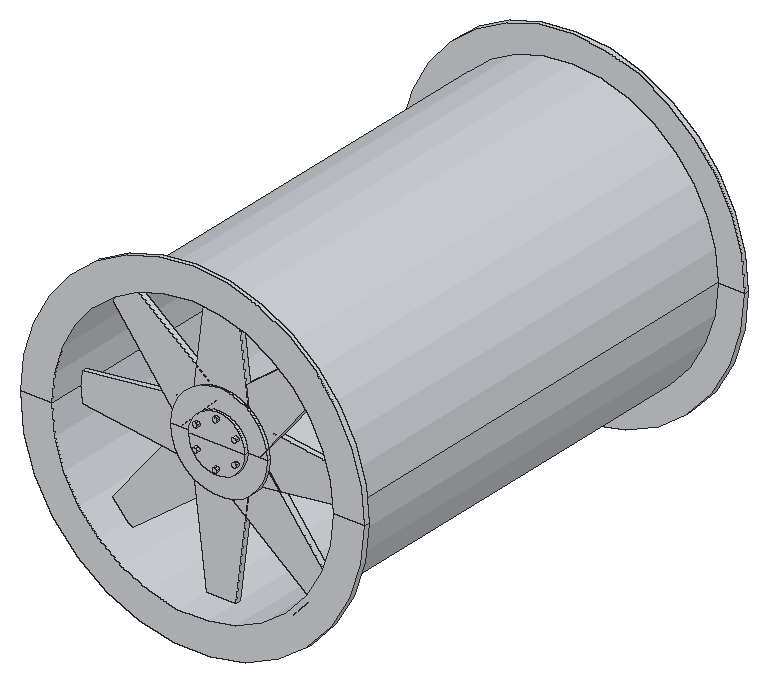
Revit family "CADS_Vent-Axia_MechEquip_Fan_BIFA_315_1Ph2P - SUPPLY", category Mechanical Equipment, Revit 2020
Family settings
  Round Connector Dimension = Use Diameter
  Part Type = Normal
  OmniClass Number = 23.75.00.00
  OmniClass Title = Climate Control (HVAC)
  Work Plane-Based = No
  Always vertical = Yes
  Cut with Voids When Loaded = No
  Shared = No
  Room Calculation Point = No
Parameters (values of type "BIFA311214")
  WorkingPressure = 0.0 Pa
  WarrantyStartDate [instance] = "1900-12-31T23:59:59"
  WarrantyPeriod = ""
  WarrantyIdentifier = "N/A"
  WarrantyGuarantorParts = "tech@vent-axia.com"
  WarrantyGuarantorLabor = "tech@vent-axia.com"
  WarrantyGuarantor = "Vent-Axia Limited"
  WarrantyEndDate [instance] = "1900-12-31T23:59:59"
  WarrantyContent = ""
  TemperatureRange = ""
  TagNumber [instance] = "N/A"
  SustainabilityPerformance = ""
  Status = "New"
  Size = ""
  Shape = ""
  ServiceLifeType = ""
  ServiceLifeDuration = ""
  SerialNumber [instance] = "N/A"
  ReplacementCost = ""
  RatedVoltage = 0 V
  RatedCurrent = 0 A
  Quantity = 1
  ProductionYear = ""
  PressureCurve = ""
  PowerFactor = ""
  PointOfContact = ""
  NumberOfPoles = 0
  NominalWidth = 315 mm
  NominalLength = 535 mm
  NominalHeight = 315 mm
  NominalFrequencyRange = ""
  NominalDiameter = 315 mm
  ModelReference = "BIF 315MM 1PH 2P 14DEG"
  ModelNumber = "BIFA311214"
  Material = ""
  ManufacturerE-Mail = "tech@vent-axia.com"
  ManufacturerAddress = "Fleming Way\nCrawley \nRH10 9YX"
  IsExtendedWarranty = no
  InsulationStandardClass = ""
  InstallationDate [instance] = "1900-12-31T23:59:59"
  IfcExportType [instance] = ""
  IfcExportAs = "IfcFanType"
  IP_Code = ""
  HasProtectiveEarth = no
  GrossWeight = 0.00 kg
  Grade = ""
  GlobalTradeItemNumber [instance] = "N/A"
  Fitting Type = "Ignore"
  Finish = ""
  Features = ""
  ExteriorInsulation = no
  ExpectedServiceLife = 0
  Exclusions = ""
  DurationUnit = "Year"
  Default Elevation = 0 mm
  Constituents = ""
  ConductorFunction = ""
  Color = ""
  CodePerformance = ""
  Category = ""
  CADS_Usage = 0
  CADS_Index = 0
  AssetType = "FIXED"
  AssetIdentifier [instance] = "N/A"
  AssemblyPlace = "UNKNOWN"
  ArticleNumber [instance] = "N/A"
  AirflowRateRange = 0.0 L/s
  Air Flow [instance] = 0.0 L/s
  AccessibilityPerformance = ""
Types (12, lengths in mm): name | ModelReference | ModelNumber
  BIFA311214 | "BIF 315MM 1PH 2P 14DEG" | "BIFA311214"
  BIFA311216 | "BIF 315MM 1PH 2P 16DEG" | "BIFA311216"
  BIFA311220 | "BIF 315MM 1PH 2P 20DEG" | "BIFA311220"
  BIFA311222 | "BIF 315MM 1PH 2P 22DEG" | "BIFA311222"
  BIFA311224 | "BIF 315MM 1PH 2P 24DEG" | "BIFA311224"
  BIFA311226 | "BIF 315MM 1PH 2P 26DEG" | "BIFA311226"
  BIFA311228 | "BIF 315MM 1PH 2P 28DEG" | "BIFA311228"
  BIFA311230 | "BIF 315MM 1PH 2P 30DEG" | "BIFA311230"
  BIFA311232 | "BIF 315MM 1PH 2P 32DEG" | "BIFA311232"
  BIFA311236 | "BIF 315MM 1PH 2P 36DEG" | "BIFA311236"
  BIFA311238 | "BIF 315MM 1PH 2P 38DEG" | "BIFA311238"
  BIFA311210 | "BIF 315MM 1PH 2P 10DEG" | "BIFA311210"
Reference planes
  plane 1 "Center (Front/Back)": y = 0
  plane 2: z = 0
  plane 3 "Center (Left/Right)": x = 0
  plane 4: x = -157.5
  plane 5: x = 157.5
  plane 6 "F": y = -267.5
  plane 7 "B": y = 267.5
  plane 8: x = -192.5
  plane 9: y = 262.5
  plane 10: y = -262.5
  plane 11: x = -162.5
  plane 12: y = -227.5
Forms (mm)
  Revolve 1, solid
    sketch origin (0, 0, 0) x (1, 0, 0) y (0, 1, 0)
      loop
        line (-192.5, -267.5) -> (-157.5, -267.5) -> (-157.5, 267.5) -> (-192.5, 267.5) -> (-192.5, 262.5) -> (-162.5, 262.5) -> (-162.5, -262.5) -> (-192.5, -262.5) -> (-192.5, -267.5)
      axis (0, 267.5) -> (0, -267.5)
    angle from 0 to 360
Dimensions and locks
  equal spacing: plane 4, plane 3 "Center (Left/Right)", plane 5
  equal spacing: plane 7 "B", plane 1 "Center (Front/Back)", plane 6 "F"
  "NominalLength": plane 7 "B" to plane 6 "F"
  "NominalDiameter": plane 4 to plane 5
  locked: plane 11 to plane 4 at 5
  locked: plane 8 to plane 11 at 30
  locked: plane 6 "F" to plane 10 at 5
  locked: plane 7 "B" to plane 9 at 5
  locked: plane 6 "F" to plane 12 at 40
  aligned and locked: level to plane 2
  aligned and locked: nested 1 to plane 12
Automatic sketch dimensions
  plane 6 "F" to Revolve 1 sketch curve = 0 mm
  Revolve 1 sketch curve to plane 8 = 0 mm  (x2)
  plane 10 to Revolve 1 sketch curve = 0 mm
  Revolve 1 sketch curve to plane 11 = 0 mm
  Revolve 1 sketch curve to plane 4 = 0 mm
  Revolve 1 sketch curve to plane 3 "Center (Left/Right)" = 0 mm
  plane 1 "Center (Front/Back)" to Revolve 1 sketch curve = 0 mm
  Revolve 1 sketch curve to plane 9 = 0 mm
  Revolve 1 sketch curve to plane 7 "B" = 0 mm
  plane 6 "F" to Revolve 1 sketch curve = 115 mm
Nested families
  nested 1: "Fan for BIFA" at (0, -227.5, 0), ND <- "NominalDiameter", type "Fan for BIFA"
    with hub 31.5 mm, ND 315 mm, BoltPCD 25.2 mm, Bolt Count 6, B_Diam 5 mm
  nested 2: "Bolts" at (21.824, -236.672, -12.6) x (-0.5, 0, -0.866) z (0, 1, 0), type "Bolts"
    with bd 5 mm
  nested 3: "Bolts" at (0, -236.672, -25.2) x (-1, 0, 0) z (0, 1, 0), type "Bolts"
    with bd 5 mm
  nested 4: "Bolts" at (-21.824, -236.672, -12.6) x (-0.5, 0, 0.866) z (0, 1, 0), type "Bolts"
    with bd 5 mm
  nested 5: "Bolts" at (-21.824, -236.672, 12.6) x (0.5, 0, 0.866) z (0, 1, 0), type "Bolts"
    with bd 5 mm
  nested 6: "Bolts" at (21.824, -236.672, 12.6) x (0.5, 0, -0.866) z (0, 1, 0), type "Bolts"
    with bd 5 mm
  nested 7: "Bolts" at (0, -236.672, 25.2) x (1, 0, 0) z (0, 1, 0), type "Bolts"
    with bd 5 mm
  nested 8: "BIFA Blade" at (0, -227.5, 0), type "BIFA Blade"
    with a 20.00°, HR 31.5 mm, HD 63 mm, BT 31.5 mm, BR 126 mm, BH 40 mm, BD 315 mm, BB 63 mm
  nested 9: "BIFA Blade" at (0, -227.5, 0) x (0.7071, 0, -0.7071) z (0.7071, 0, 0.7071), type "BIFA Blade"
    with a 20.00°, HR 31.5 mm, HD 63 mm, BT 31.5 mm, BR 126 mm, BH 40 mm, BD 315 mm, BB 63 mm
  nested 10: "BIFA Blade" at (0, -227.5, 0) x (0, 0, -1) z (1, 0, 0), type "BIFA Blade"
    with a 20.00°, HR 31.5 mm, HD 63 mm, BT 31.5 mm, BR 126 mm, BH 40 mm, BD 315 mm, BB 63 mm
  nested 11: "BIFA Blade" at (0, -227.5, 0) x (-0.7071, 0, -0.7071) z (0.7071, 0, -0.7071), type "BIFA Blade"
    with a 20.00°, HR 31.5 mm, HD 63 mm, BT 31.5 mm, BR 126 mm, BH 40 mm, BD 315 mm, BB 63 mm
  nested 12: "BIFA Blade" at (0, -227.5, 0) x (-1, 0, 0) z (0, 0, -1), type "BIFA Blade"
    with a 20.00°, HR 31.5 mm, HD 63 mm, BT 31.5 mm, BR 126 mm, BH 40 mm, BD 315 mm, BB 63 mm
  nested 13: "BIFA Blade" at (0, -227.5, 0) x (-0.7071, 0, -0.7071) z (-0.7071, 0, 0.7071), type "BIFA Blade"
    with a 20.00°, HR 31.5 mm, HD 63 mm, BT 31.5 mm, BR 126 mm, BH 40 mm, BD 315 mm, BB 63 mm
  nested 14: "BIFA Blade" at (0, -227.5, 0) x (0, 0, -1) z (-1, 0, 0), type "BIFA Blade"
    with a 20.00°, HR 31.5 mm, HD 63 mm, BT 31.5 mm, BR 126 mm, BH 40 mm, BD 315 mm, BB 63 mm
  nested 15: "BIFA Blade" at (0, -227.5, 0) x (0.7071, 0, -0.7071) z (-0.7071, 0, -0.7071), type "BIFA Blade"
    with a 20.00°, HR 31.5 mm, HD 63 mm, BT 31.5 mm, BR 126 mm, BH 40 mm, BD 315 mm, BB 63 mm
Connectors
  hvac at (0, -267.5, 0), driven by "NominalDiameter", driven by "Air Flow"
    settings: on Revolve 1, index 1, duct flow 0.0 L/s, flow factor 0, pres drop 0.0 Pa, loss coef 0, conn angle 0.00°, conn width 304.8 mm, conn height 304.8 mm, conn diameter 315 mm, duct sys type 1, conn prof type 0, flow config 1, flow direction 1, loss method 0, conn ref index -1, conn util no, is conn primary yes, conn desc ""
  hvac at (0, 267.5, 0), driven by "NominalDiameter", driven by "Air Flow"
    settings: on Revolve 1, index 2, duct flow 0.0 L/s, flow factor 0, pres drop 0.0 Pa, loss coef 0, conn angle 0.00°, conn width 304.8 mm, conn height 304.8 mm, conn diameter 315 mm, duct sys type 1, conn prof type 0, flow config 0, flow direction 2, loss method 0, conn ref index -1, conn util no, is conn primary no, conn desc ""
Definition of nested family "Fan for BIFA"
  Parameters (values of type "Fan for BIFA")
    hub [instance] = ND / 10  # 50 mm
    ND [instance] = 500 mm
    Model = "."
    Default Elevation = 0 mm
    BoltPCD [instance] = hub - (hub * 0.2)  # 40 mm
    Bolt Count [instance] = if(hub < 50 mm, 6, 8)  # 8
    B_Diam [instance] = if(hub < 50 mm, 5 mm, 10 mm)  # 10 mm
  Reference planes
    plane 1 "Center (Front/Back)": y = 0
    plane 2: z = 0
    plane 3 "Center (Left/Right)": x = 0
    plane 4 "back": y = 20
    plane 5 "bolts": y = -9.172
    plane 6 "B": z = 50
    plane 7: x = -72.587
    plane 8: x = -50
    plane 9 "hubface": y = -6.172
  Forms (mm)
    Revolve 1, solid
      sketch origin (0, 0, 0) x (1, 0, 0) y (0, 1, 0)
        loop
          line (0, 20) -> (-50, 20) -> (-50, 10.504) -> (-72.587, 10.504) -> (-72.587, -2.597) -> (-50, -2.597) -> (-50, -6.172) -> (0, -6.172) -> (0, 20)
        axis (0, 20) -> (0, -6.172)
      angle from 0 to 360
    Extrusion 2, solid, not visible
      sketch origin (0, -6.347, -4) x (-1, 0, 0) y (0, 0, 1)
        loop
          circle (0, 84) r 5
      from 0 to 3
  Lines and regions (mm)
    symbolic lines
      curve 1: circle (0, -9.172, 0) r 40 normal (0, 1, 0)
    model lines, not visible
      curve 2: line (0, -6.347, 85) -> (0, -6.347, 75)
  Dimensions and locks
    "hub": plane 6 "B" to plane 2
    "hub": nested 3 to plane 3 "Center (Left/Right)"
    "hub": nested 4 to plane 3 "Center (Left/Right)"
    "hub": nested 5 to plane 3 "Center (Left/Right)"
    "hub": plane 3 "Center (Left/Right)" to nested 6
    "hub": Revolve 1 sketch curve to Revolve 1 sketch curve
    "hub": plane 3 "Center (Left/Right)" to nested 7
    "hub": plane 3 "Center (Left/Right)" to nested 8
    "hub": plane 3 "Center (Left/Right)" to nested 9
    "hub": plane 8 to plane 3 "Center (Left/Right)"
    plane 7 to plane 8 = 22.587 mm
    diameter of Extrusion 2 sketch curve = 10 mm
    "BoltPCD": radius of curve 1
    "BoltPCD": radius of radial array
    aligned and locked: level to plane 2
    aligned and locked: plane 6 "B" to nested 1
  Automatic sketch dimensions
    Revolve 1 sketch curve to plane 7 = 0 mm
    Revolve 1 sketch curve to plane 8 = 0 mm  (x2)
    Revolve 1 sketch curve to plane 3 "Center (Left/Right)" = 0 mm
    Revolve 1 sketch curve to plane 9 "hubface" = 0 mm
    plane 4 "back" to Revolve 1 sketch curve = 0 mm
    plane 1 "Center (Front/Back)" to Revolve 1 sketch curve = 2.597 mm
    plane 4 "back" to Revolve 1 sketch curve = 9.496 mm
    plane 4 "back" to Revolve 1 sketch curve = 5 mm
    Revolve 1 sketch curve to Revolve 1 sketch curve = 45 mm
    curve 1 to level = 0 mm
    curve 1 to plane 3 "Center (Left/Right)" = 0 mm
  Nested families
    nested 1: "BIFA Blade" at (0, 0, 25), BD <- "ND", HD <- "hub", type "BIFA Blade"
      with a 20.00°, HR 25 mm, HD 50 mm, BT 25 mm, BR 100 mm, BH 40 mm, BD 250 mm, BB 50 mm
    nested 2: "BIFA Blade" at (0, 0, 55), BD <- "ND", HD <- "hub", type "BIFA Blade", not visible
      with a 20.00°, HR 25 mm, HD 50 mm, BT 25 mm, BR 100 mm, BH 40 mm, BD 250 mm, BB 50 mm
    nested 3: "BIFA Blade" at (17.678, 0, 17.678) x (0.7071, 0, -0.7071) z (0.7071, 0, 0.7071), BD <- "ND", HD <- "hub", type "BIFA Blade"
      with a 20.00°, HR 25 mm, HD 50 mm, BT 25 mm, BR 100 mm, BH 40 mm, BD 250 mm, BB 50 mm
    nested 4: "BIFA Blade" at (25, 0, 0) x (0, 0, -1) z (1, 0, 0), BD <- "ND", HD <- "hub", type "BIFA Blade"
      with a 20.00°, HR 25 mm, HD 50 mm, BT 25 mm, BR 100 mm, BH 40 mm, BD 250 mm, BB 50 mm
    nested 5: "BIFA Blade" at (17.678, 0, -17.678) x (-0.7071, 0, -0.7071) z (0.7071, 0, -0.7071), BD <- "ND", HD <- "hub", type "BIFA Blade"
      with a 20.00°, HR 25 mm, HD 50 mm, BT 25 mm, BR 100 mm, BH 40 mm, BD 250 mm, BB 50 mm
    nested 6: "BIFA Blade" at (0, 0, -25) x (-1, 0, 0) z (0, 0, -1), BD <- "ND", HD <- "hub", type "BIFA Blade"
      with a 20.00°, HR 25 mm, HD 50 mm, BT 25 mm, BR 100 mm, BH 40 mm, BD 250 mm, BB 50 mm
    nested 7: "BIFA Blade" at (-17.678, 0, 17.678) x (-0.7071, 0, -0.7071) z (-0.7071, 0, 0.7071), BD <- "ND", HD <- "hub", type "BIFA Blade"
      with a 20.00°, HR 25 mm, HD 50 mm, BT 25 mm, BR 100 mm, BH 40 mm, BD 250 mm, BB 50 mm
    nested 8: "BIFA Blade" at (-25, 0, 0) x (0, 0, -1) z (-1, 0, 0), BD <- "ND", HD <- "hub", type "BIFA Blade"
      with a 20.00°, HR 25 mm, HD 50 mm, BT 25 mm, BR 100 mm, BH 40 mm, BD 250 mm, BB 50 mm
    nested 9: "BIFA Blade" at (-17.678, 0, -17.678) x (0.7071, 0, -0.7071) z (-0.7071, 0, -0.7071), BD <- "ND", HD <- "hub", type "BIFA Blade"
      with a 20.00°, HR 25 mm, HD 50 mm, BT 25 mm, BR 100 mm, BH 40 mm, BD 250 mm, BB 50 mm
    nested 10: "Bolts" at (0, -9.172, 40) x (1, 0, 0) z (0, 1, 0), bd <- "B_Diam", type "Bolts"
      with bd 10 mm
    nested 11: "Bolts" at (28.284, -9.172, 28.284) x (0.7071, 0, -0.7071) z (0, 1, 0), bd <- "B_Diam", type "Bolts"
      with bd 10 mm
    nested 12: "Bolts" at (-28.284, -9.172, 28.284) x (0.7071, 0, 0.7071) z (0, 1, 0), bd <- "B_Diam", type "Bolts"
      with bd 10 mm
    nested 13: "Bolts" at (-40, -9.172, 0) x (0, 0, 1) z (0, 1, 0), bd <- "B_Diam", type "Bolts"
      with bd 10 mm
    nested 14: "Bolts" at (-28.284, -9.172, -28.284) x (-0.7071, 0, 0.7071) z (0, 1, 0), bd <- "B_Diam", type "Bolts"
      with bd 10 mm
    nested 15: "Bolts" at (0, -9.172, -40) x (-1, 0, 0) z (0, 1, 0), bd <- "B_Diam", type "Bolts"
      with bd 10 mm
    nested 16: "Bolts" at (28.284, -9.172, -28.284) x (-0.7071, 0, -0.7071) z (0, 1, 0), bd <- "B_Diam", type "Bolts"
      with bd 10 mm
    nested 17: "Bolts" at (40, -9.172, 0) x (0, 0, -1) z (0, 1, 0), bd <- "B_Diam", type "Bolts"
      with bd 10 mm
  Definition of nested family "BIFA Blade"
    Parameters (values of type "BIFA Blade")
      a [instance] = 20.00°
      HR [instance] = HD / 2  # 30 mm
      HD [instance] = BD / 5  # 60 mm
      Default Elevation = 1219.2 mm
      BT [instance] = BD / 10  # 30 mm
      BR [instance] = (BD / 2) - HR  # 120 mm
      BH [instance] = 40 mm
      BD [instance] = 300 mm
      BB [instance] = BD / 5  # 60 mm
    Reference planes
      plane 1 "Center (Front/Back)": y = 0
      plane 2: z = 0
      plane 3 "Center (Left/Right)": x = 0
      plane 4 "Blade Bot": z = 30
      plane 5: x = -30
      plane 6: x = 30
      plane 7: x = -15
      plane 8: x = 15
    Forms (mm)
      Blend 1, solid
        base sketch origin (0, 0, 30) x (-1, 0, 0) y (0, -1, 0)
          loop
            line (30, 0) -> (-30, 0) -> (-30, -6) -> (30, -6) -> (30, 0)
        top sketch origin (0, 0, 30) x (-1, 0, 0) y (0, -1, 0)
          loop
            line (15, -6) -> (15, 0) -> (-15, 0) -> (-15, -6) -> (15, -6)
        from 0 to 120 <- "BR"
    Dimensions and locks
      "HR": plane 4 "Blade Bot" to level
      equal spacing: plane 8, plane 3 "Center (Left/Right)", plane 7
      "BT": plane 8 to plane 7
      equal spacing: plane 6, plane 3 "Center (Left/Right)", plane 5
      "BB": plane 6 to plane 5
      aligned and locked: level to plane 2
    Automatic sketch dimensions
      plane 1 "Center (Front/Back)" to Blend 1 sketch curve = 0 mm  (x2)
      Blend 1 sketch curve to plane 6 = 0 mm
      Blend 1 sketch curve to plane 5 = 0 mm
      Blend 1 sketch curve to plane 1 "Center (Front/Back)" = 6 mm  (x2)
      Blend 1 sketch curve to plane 8 = 0 mm
      Blend 1 sketch curve to plane 7 = 0 mm
  Definition of nested family "Bolts"
    Parameters
      bd [instance] = 10 mm
      Default Elevation = 1219.2 mm
    Reference planes
      plane 1 "Center (Front/Back)": y = 0
      plane 2: z = 0
      plane 3 "Center (Left/Right)": x = 0
    Forms (mm)
      Extrusion 1, solid
        sketch origin (0, 0, 0) x (1, 0, 0) y (0, 1, 0)
          loop
            line (-1219.2, 1219.2) -> (-1219.2, -1219.2) -> (1219.2, -1219.2) -> (1219.2, 1219.2) -> (-1219.2, 1219.2)
        from 0 to -304.8
      Extrusion 2, solid
        sketch origin (0, 0, 0) x (1, 0, 0) y (0, 1, 0)
          loop
            circle (0, 0) r 5
        from 0 to 3
    Dimensions and locks
      "bd": diameter of Extrusion 2 sketch curve
      aligned and locked: plane 2 to Extrusion 1
      aligned and locked: level to Extrusion 1
    Automatic sketch dimensions
      Extrusion 1 sketch curve to Extrusion 1 sketch curve = 2438.4 mm  (x2)
      plane 1 "Center (Front/Back)" to Extrusion 2 sketch curve = 0 mm
      Extrusion 2 sketch curve to plane 3 "Center (Left/Right)" = 0 mm
Definition of nested family "Bolts"
  Parameters
    bd [instance] = 10 mm
    Default Elevation = 1219.2 mm
  Reference planes
    plane 1 "Center (Front/Back)": y = 0
    plane 2: z = 0
    plane 3 "Center (Left/Right)": x = 0
  Forms (mm)
    Extrusion 1, solid
      sketch origin (0, 0, 0) x (1, 0, 0) y (0, 1, 0)
        loop
          line (-1219.2, 1219.2) -> (-1219.2, -1219.2) -> (1219.2, -1219.2) -> (1219.2, 1219.2) -> (-1219.2, 1219.2)
      from 0 to -304.8
    Extrusion 2, solid
      sketch origin (0, 0, 0) x (1, 0, 0) y (0, 1, 0)
        loop
          circle (0, 0) r 5
      from 0 to 3
  Dimensions and locks
    "bd": diameter of Extrusion 2 sketch curve
    aligned and locked: plane 2 to Extrusion 1
    aligned and locked: level to Extrusion 1
  Automatic sketch dimensions
    Extrusion 1 sketch curve to Extrusion 1 sketch curve = 2438.4 mm  (x2)
    plane 1 "Center (Front/Back)" to Extrusion 2 sketch curve = 0 mm
    Extrusion 2 sketch curve to plane 3 "Center (Left/Right)" = 0 mm
Definition of nested family "BIFA Blade"
  Parameters (values of type "BIFA Blade")
    a [instance] = 20.00°
    HR [instance] = HD / 2  # 30 mm
    HD [instance] = BD / 5  # 60 mm
    Default Elevation = 1219.2 mm
    BT [instance] = BD / 10  # 30 mm
    BR [instance] = (BD / 2) - HR  # 120 mm
    BH [instance] = 40 mm
    BD [instance] = 300 mm
    BB [instance] = BD / 5  # 60 mm
  Reference planes
    plane 1 "Center (Front/Back)": y = 0
    plane 2: z = 0
    plane 3 "Center (Left/Right)": x = 0
    plane 4 "Blade Bot": z = 30
    plane 5: x = -30
    plane 6: x = 30
    plane 7: x = -15
    plane 8: x = 15
  Forms (mm)
    Blend 1, solid
      base sketch origin (0, 0, 30) x (-1, 0, 0) y (0, -1, 0)
        loop
          line (30, 0) -> (-30, 0) -> (-30, -6) -> (30, -6) -> (30, 0)
      top sketch origin (0, 0, 30) x (-1, 0, 0) y (0, -1, 0)
        loop
          line (15, -6) -> (15, 0) -> (-15, 0) -> (-15, -6) -> (15, -6)
      from 0 to 120 <- "BR"
  Dimensions and locks
    "HR": plane 4 "Blade Bot" to level
    equal spacing: plane 8, plane 3 "Center (Left/Right)", plane 7
    "BT": plane 8 to plane 7
    equal spacing: plane 6, plane 3 "Center (Left/Right)", plane 5
    "BB": plane 6 to plane 5
    aligned and locked: level to plane 2
  Automatic sketch dimensions
    plane 1 "Center (Front/Back)" to Blend 1 sketch curve = 0 mm  (x2)
    Blend 1 sketch curve to plane 6 = 0 mm
    Blend 1 sketch curve to plane 5 = 0 mm
    Blend 1 sketch curve to plane 1 "Center (Front/Back)" = 6 mm  (x2)
    Blend 1 sketch curve to plane 8 = 0 mm
    Blend 1 sketch curve to plane 7 = 0 mm
